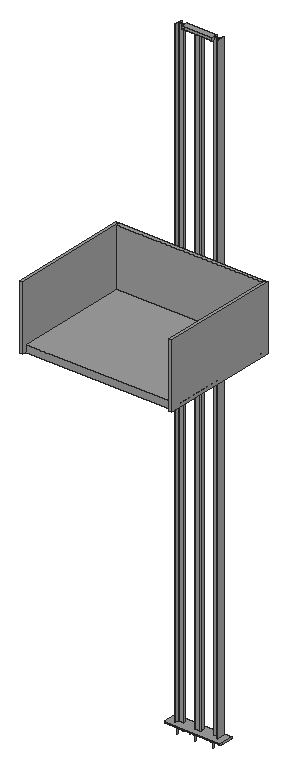
Revit family "1SE_Trez_TC_500_With_Pit", category Specialty Equipment, Revit 2019
Family settings
  Round Connector Dimension = Use Diameter
  Part Type = Normal
  Work Plane-Based = No
  Always vertical = Yes
  Cut with Voids When Loaded = Yes
  Shared = No
  Room Calculation Point = No
Parameters (values of type "Platform-1800x1400mm with Door Height 2500mm")
  Safe Working Load = 500.00 kg  # constant formula
  Safe Space = if(Cabin or Platform = Cabin, 900.0 mm, if(and(Cabin or Platform = Platform, Door Clear Height > 1900.0 mm), 600.0 mm, 0.0 mm))  # 600.0 mm
  Platform = Speciality_Equipment_Trez_Platform_Sgl_C : Platform
  Door Clear Width = Real Width  # 1800.0 mm
  Door Clear Height = 2500.0 mm
  D-Side = yes
  Clear Width = 1800.0 mm
  URL = "https://trez.bg/en/products/goods-only-lift-tc/tc-one-cylinder/"
  Shaft Width = Real Width + 100.0 mm  # 1900.0 mm
  Shaft Depth = Real Depth + Clearance  # 1670.0 mm
  Tower Cladding Material = TREZ_Steel_Cladding
  Real Width = if(Clear Width < 750.0 mm, 750.0 mm, if(Clear Width > 1800.0 mm, 1800.0 mm, Clear Width))  # 1800.0 mm
  Real Depth = if(Clear Depth < 800.0 mm, 800.0 mm, if(Clear Depth > 1400.0 mm, 1400.0 mm, Clear Depth))  # 1400.0 mm
  Profiles Material = TREZ_Steel
  Platform Material = TREZ_Steel
  Pit Height = 120.0 mm  # constant formula
  Travel = 4500.0 mm
  Rail Height = Travel + Pit Height + Headroom  # 7720.0 mm
  Model = "TC 500"
  Manufacturer = "TREZ Ltd."
  Headroom = Door Clear Height + Safe Space  # 3100.0 mm
  Description = "As a hydraulic, goods-only lift with one cylinder, the TC is the low-price solution for lifting goods between the floors. "  # constant formula
  Clear Depth = 1400.0 mm
  Created By URL = "https://all1studio.com/"
  Created By = "All 1 Studio Ltd."
  Clearance = 270.0 mm  # constant formula
  Cabin or Platform = Speciality_Equipment_Trez_Platform_Sgl_C : Platform
  Cabin = Speciality_Equipment_Trez_Cabin_Sgl_C : Cabin
  C-Side = 1 = 1  # yes
  B-Side = yes
  A-Side = no
Reference planes
  plane 1 "Center (Front/Back)": y = 0
  plane 2: z = 0
  plane 3 "Center (Left/Right)": x = 0
  plane 4: x = -900
  plane 5: x = 900
  plane 6: y = 700
  plane 7: y = -700
  plane 8: x = 950
  plane 9: x = -950
  plane 10: y = 970
  plane 11: y = -750
  plane 12: z = 4500
  plane 13 "Top of Lift": z = 7600
  plane 14 "Pit": z = -120
  plane 15: z = 7540
  plane 16: z = 40
  plane 17: z = -145
  plane 18: y = 838.5
Forms (mm)
  Extrusion 1, void
    sketch origin (0, 0, 0) x (1, 0, 0) y (0, 1, 0)
      loop
        line (-950, 970) -> (-950, -750) -> (950, -750) -> (950, 970) -> (-950, 970)
    from 0 to -120
Lines and regions (mm)
  symbolic lines, style "Platform"
    curve 1: line (-900, 700, 0) -> (900, 700, 0)
    curve 2: line (-900, -700, 0) -> (-900, 700, 0)
    curve 3: line (900, -700, 0) -> (-900, -700, 0)
    curve 4: line (900, 700, 0) -> (900, -700, 0)
    curve 5: line (-900, 700, 0) -> (900, -700, 0)
    curve 6: line (900, 700, 0) -> (-900, -700, 0)
  symbolic lines, style "Shaft Volume"
    curve 7: line (-950, 970, 0) -> (950, 970, 0)
    curve 8: line (-950, -750, 0) -> (-950, 970, 0)
    curve 9: line (950, -750, 0) -> (-950, -750, 0)
    curve 10: line (950, 970, 0) -> (950, -750, 0)
    curve 11: line (950, 0, 7600) -> (-950, 0, 7600)
    curve 12: line (950, 0, 0) -> (950, 0, 7600)
    curve 13: line (-950, 0, 0) -> (950, 0, 0)
    curve 14: line (-950, 0, 7600) -> (-950, 0, 0)
    curve 15: line (0, -750, 7600) -> (0, 970, 7600)
    curve 16: line (0, -750, 0) -> (0, -750, 7600)
    curve 17: line (0, 970, 0) -> (0, -750, 0)
    curve 18: line (0, 970, 7600) -> (0, 970, 0)
Dimensions and locks
  equal spacing: plane 4, plane 3 "Center (Left/Right)", plane 5
  "Real Width": plane 4 to plane 5
  equal spacing: plane 7, plane 1 "Center (Front/Back)", plane 6
  "Real Depth": plane 7 to plane 6
  "Travel": plane 12 to level
  "Pit Height": level to plane 14 "Pit"
  "Headroom": plane 13 "Top of Lift" to plane 12
  locked: plane 13 "Top of Lift" to plane 15 at 60
  locked: plane 16 to level at 40
  locked: level to plane 17 at 145
  locked: plane 9 to plane 4 at 50
  locked: plane 5 to plane 8 at 50
  locked: plane 18 to plane 10 at 131.5
  "Clearance": plane 6 to plane 10
  locked: plane 7 to plane 11 at 50
  aligned and locked: level to plane 2
  aligned and locked: Extrusion 1 to plane 14 "Pit"
  aligned and locked: plane 1 "Center (Front/Back)" to nested 1
  aligned and locked: plane 3 "Center (Left/Right)" to nested 1
  aligned and locked: plane 12 to nested 1
  aligned and locked: nested 2 to plane 3 "Center (Left/Right)"
  aligned and locked: plane 18 to nested 2
  aligned and locked: plane 4 to curve 2
  aligned and locked: Extrusion 1 to plane 8
  aligned and locked: Extrusion 1 to plane 9
  aligned and locked: Extrusion 1 to plane 10
  aligned and locked: Extrusion 1 to plane 11
  aligned and locked: plane 10 to curve 7
  aligned and locked: plane 9 to curve 8
  aligned and locked: plane 11 to curve 9
  aligned and locked: plane 8 to curve 10
  aligned and locked: plane 13 "Top of Lift" to curve 11
  aligned and locked: curve 12 to plane 8
  aligned and locked: curve 13 to level
  aligned and locked: curve 14 to plane 9
  aligned and locked: curve 15 to plane 13 "Top of Lift"
  aligned and locked: plane 11 to curve 16
  aligned and locked: level to curve 17
  aligned and locked: plane 10 to curve 18
Automatic sketch dimensions
  Extrusion 1 sketch curve to plane 8 = 0.0 mm
  Extrusion 1 sketch curve to plane 11 = 0.0 mm
  Extrusion 1 sketch curve to plane 10 = 0.0 mm
  Extrusion 1 sketch curve to plane 9 = 0.0 mm
  curve 4 to plane 5 = 0.0 mm
  curve 3 to plane 7 = 0.0 mm
  plane 6 to curve 2 = 0.0 mm
Nested families
  nested 1: "Speciality_Equipment_Trez_Platform_Sgl_C" at (0, 0, 4500), type <- "Cabin or Platform", type "Platform"
    with Width 1800.0 mm, Depth 1400.0 mm, D-Side yes, B-Side yes
  nested 2: "Generic_Model_Trez_Rails_Sgl_C" at (0, 838.5, -120) x (0, -1, 0) z (0, 0, 1), type "Rails"
Definition of nested family "Speciality_Equipment_Trez_Platform_Sgl_C"
  Parameters (values of type "Platform")
    Width = 1300.0 mm
    Platform Material = none
    Depth = 1000.0 mm
    D-Side = no
    C-Side = yes
    B-Side = no
    A-Side = no
  Reference planes
    plane 1 "Center (Front/Back)": y = 0
    plane 2 "Bottom": z = 0
    plane 3 "Center (Left/Right)": x = 0
    plane 4: x = 650
    plane 5: x = -650
    plane 6: y = 500
    plane 7: y = -500
    plane 8: y = 535
    plane 9: z = -89
    plane 10: z = 709
    plane 11: x = -685
    plane 12: x = 685
    plane 13: y = -535
  Forms (mm)
    Extrusion 1, solid, material <- "Platform Material", visible <- "C-Side"
      sketch origin (0, 0, 0) x (1, 0, 0) y (0, 1, 0)
        loop
          line (-650, 535) -> (-650, 500) -> (650, 500) -> (650, 535) -> (-650, 535)
      from -89 to 709
    Extrusion 2, solid, material <- "Platform Material", detail levels coarse+medium
      sketch origin (0, 0, 0) x (1, 0, 0) y (0, 0, 1)
        loop
          line (-650, 0) -> (-650, -89) -> (650, -89) -> (650, 0) -> (-650, 0)
      from -500 to 500
    Extrusion 3, solid, material <- "Platform Material", detail levels fine
      sketch origin (0, 0, 0) x (1, 0, 0) y (0, 0, 1)
        loop
          line (-650, 0) -> (-650, -74)
          arc (-650, -74) -> (-645.607, -84.607) -> (-635, -89) r 15
          line (-635, -89) -> (635, -89)
          arc (635, -89) -> (645.607, -84.607) -> (650, -74) r 15
          line (650, -74) -> (650, 0) -> (-650, 0)
      from -500 to 500
    Extrusion 4, solid, material <- "Platform Material", visible <- "A-Side"
      sketch origin (0, -1035, 0) x (1, 0, 0) y (0, 1, 0)
        loop
          line (-650, 535) -> (-650, 500) -> (650, 500) -> (650, 535) -> (-650, 535)
      from -89 to 709
    Extrusion 5, solid, material <- "Platform Material", visible <- "D-Side"
      sketch origin (31.413, 20.624, 0) x (0, -1, 0) y (1, 0, 0)
        loop
          line (-514.376, 653.587) -> (-514.376, 618.587) -> (555.624, 618.587) -> (555.624, 653.587) -> (-514.376, 653.587)
      from -89 to 709
    Extrusion 6, solid, material <- "Platform Material", visible <- "B-Side"
      sketch origin (-1003.587, 20.624, 0) x (0, -1, 0) y (1, 0, 0)
        loop
          line (-514.376, 353.587) -> (-514.376, 318.587) -> (555.624, 318.587) -> (555.624, 353.587) -> (-514.376, 353.587)
      from -89 to 709
  Dimensions and locks
    equal spacing: plane 5, plane 3 "Center (Left/Right)", plane 4
    "Width": plane 5 to plane 4
    equal spacing: plane 7, plane 1 "Center (Front/Back)", plane 6
    "Depth": plane 6 to plane 7
    locked: plane 8 to plane 6 at 35
    locked: plane 2 "Bottom" to plane 9 at 89
    locked: plane 10 to plane 2 "Bottom" at 709
    locked: plane 11 to plane 5 at 35
    locked: plane 4 to plane 12 at 35
    locked: plane 13 to plane 7 at 35
    aligned and locked: level to plane 2 "Bottom"
    aligned and locked: Extrusion 1 sketch curve to plane 8
    aligned and locked: Extrusion 2 sketch curve to plane 2 "Bottom"
    aligned and locked: Extrusion 2 sketch curve to plane 9
    aligned and locked: plane 6 to Extrusion 2
    aligned and locked: plane 7 to Extrusion 2
    aligned and locked: Extrusion 3 sketch curve to plane 2 "Bottom"
    aligned and locked: Extrusion 3 sketch curve to plane 9
    aligned and locked: plane 7 to Extrusion 3
    aligned and locked: plane 6 to Extrusion 3
    aligned and locked: Extrusion 1 to plane 9
    aligned and locked: plane 5 to Extrusion 3
    aligned and locked: plane 5 to Extrusion 2
    aligned and locked: plane 5 to Extrusion 1
    aligned and locked: plane 4 to Extrusion 3
    aligned and locked: plane 4 to Extrusion 2
    aligned and locked: plane 4 to Extrusion 1
    aligned and locked: Extrusion 4 to plane 7
    aligned and locked: plane 13 to Extrusion 4
    aligned and locked: plane 4 to Extrusion 4
    aligned and locked: plane 5 to Extrusion 4
    aligned and locked: plane 12 to Extrusion 5
    aligned and locked: Extrusion 5 to plane 4
    aligned and locked: plane 8 to Extrusion 5
    aligned and locked: plane 13 to Extrusion 5
    aligned and locked: plane 11 to Extrusion 6
    aligned and locked: Extrusion 6 to plane 5
    aligned and locked: plane 8 to Extrusion 6
    aligned and locked: plane 13 to Extrusion 6
  Automatic sketch dimensions
    Extrusion 1 sketch curve to plane 5 = 0.0 mm
    Extrusion 1 sketch curve to plane 4 = 0.0 mm
    Extrusion 1 sketch curve to plane 6 = 0.0 mm
    plane 5 to Extrusion 2 sketch curve = 0.0 mm
    Extrusion 2 sketch curve to plane 4 = 0.0 mm
    plane 5 to Extrusion 3 sketch curve = 0.0 mm
    Extrusion 3 sketch curve to plane 4 = 0.0 mm
    Extrusion 3 sketch curve to plane 5 = 15.0 mm
    Extrusion 3 sketch curve to plane 4 = 15.0 mm
    Extrusion 4 sketch curve to plane 5 = 0.0 mm
    Extrusion 4 sketch curve to plane 4 = 0.0 mm
    plane 13 to Extrusion 4 sketch curve = 0.0 mm
    plane 7 to Extrusion 4 sketch curve = 0.0 mm
    plane 8 to Extrusion 5 sketch curve = 0.0 mm
    plane 13 to Extrusion 5 sketch curve = 0.0 mm
    Extrusion 5 sketch curve to plane 12 = 35.0 mm
    Extrusion 5 sketch curve to Extrusion 5 sketch curve = 35.0 mm
    plane 8 to Extrusion 6 sketch curve = 0.0 mm
    plane 13 to Extrusion 6 sketch curve = 0.0 mm
    Extrusion 6 sketch curve to plane 12 = 1370.0 mm
    Extrusion 6 sketch curve to Extrusion 6 sketch curve = 35.0 mm
Definition of nested family "Generic_Model_Trez_Rails_Sgl_C"
  Parameters (values of type "Rails")
    Profiles Material = none
    Height = 7720.0 mm
  Reference planes
    plane 1 "Center (Front/Back)": y = 0
    plane 2: z = 0
    plane 3 "Center (Left/Right)": x = 0
    plane 4: x = 87.2
    plane 5: x = -87.2
    plane 6: y = 350
    plane 7: y = -350
    plane 8: z = 7720
    plane 9: z = 15
    plane 10: z = 7685
    plane 11: z = -95
  Forms (mm)
    Extrusion 1, solid, material <- "Profiles Material", detail levels fine
      sketch origin (0, 0, 0) x (1, 0, 0) y (0, 1, 0)
        loop
          line (77.2, 350) -> (-77.2, 350)
          arc (-77.2, 350) -> (-84.271, 347.071) -> (-87.2, 340) r 10
          line (-87.2, 340) -> (-87.2, -340)
          arc (-87.2, -340) -> (-84.271, -347.071) -> (-77.2, -350) r 10
          line (-77.2, -350) -> (77.2, -350)
          arc (77.2, -350) -> (84.271, -347.071) -> (87.2, -340) r 10
          line (87.2, -340) -> (87.2, 340)
          arc (87.2, 340) -> (84.271, 347.071) -> (77.2, 350) r 10
      from 0 to 15
    Extrusion 2, solid, material <- "Profiles Material", detail levels fine
      sketch origin (0, 0, 0) x (1, 0, 0) y (0, 1, 0)
        loop
          line (-61.5, -260) -> (28.5, -260) -> (28.5, -252) -> (-3.5, -252)
          arc (-3.5, -252) -> (-7.036, -250.536) -> (-8.5, -247) r 5
          line (-8.5, -247) -> (-8.5, -185) -> (-24.5, -185) -> (-24.5, -247)
          arc (-24.5, -247) -> (-25.964, -250.536) -> (-29.5, -252) r 5
          line (-29.5, -252) -> (-61.5, -252) -> (-61.5, -260)
        loop
          line (-37.94, -40) -> (-1.94, -40)
          arc (-1.94, -40) -> (8.667, -35.607) -> (13.06, -25) r 15
          line (13.06, -25) -> (13.06, 25)
          arc (13.06, 25) -> (8.667, 35.607) -> (-1.94, 40) r 15
          line (-1.94, 40) -> (-37.94, 40) -> (-37.94, -40)
        loop
          line (-61.5, 260) -> (-61.5, 252) -> (-29.5, 252)
          arc (-29.5, 252) -> (-25.964, 250.536) -> (-24.5, 247) r 5
          line (-24.5, 247) -> (-24.5, 185) -> (-8.5, 185) -> (-8.5, 247)
          arc (-8.5, 247) -> (-7.036, 250.536) -> (-3.5, 252) r 5
          line (-3.5, 252) -> (28.5, 252) -> (28.5, 260) -> (-61.5, 260)
      from 15 to 7720
    Extrusion 3, solid, material <- "Profiles Material", detail levels fine
      sketch origin (0, 0, 0) x (1, 0, 0) y (0, 0, 1)
        loop
          line (-51.5, 7720) -> (-51.5, 7690)
          arc (-51.5, 7690) -> (-50.036, 7686.464) -> (-46.5, 7685) r 5
          line (-46.5, 7685) -> (13.5, 7685)
          arc (13.5, 7685) -> (17.036, 7686.464) -> (18.5, 7690) r 5
          line (18.5, 7690) -> (18.5, 7720) -> (-51.5, 7720)
      from -185 to 185
    Extrusion 4, solid, material <- "Profiles Material", detail levels coarse+medium
      sketch origin (0, 0, 0) x (1, 0, 0) y (0, 1, 0)
        loop
          line (87.2, 350) -> (-87.2, 350) -> (-87.2, -350) -> (87.2, -350) -> (87.2, 350)
      from 0 to 15
    Extrusion 5, solid, material <- "Profiles Material", detail levels coarse+medium
      sketch origin (0, 0, 0) x (1, 0, 0) y (0, 1, 0)
        loop
          line (28.5, -185) -> (-61.5, -185) -> (-61.5, -260) -> (28.5, -260) -> (28.5, -185)
        loop
          line (-37.94, -40) -> (13.06, -40) -> (13.06, 40) -> (-37.94, 40) -> (-37.94, -40)
        loop
          line (-61.5, 260) -> (-61.5, 185) -> (28.5, 185) -> (28.5, 260) -> (-61.5, 260)
      from 15 to 7720
    Extrusion 6, solid, material <- "Profiles Material", detail levels coarse+medium
      sketch origin (0, 0, 0) x (1, 0, 0) y (0, 0, 1)
        loop
          line (-51.5, 7720) -> (-51.5, 7690)
          arc (-51.5, 7690) -> (-50.036, 7686.464) -> (-46.5, 7685) r 5
          line (-46.5, 7685) -> (13.5, 7685)
          arc (13.5, 7685) -> (17.036, 7686.464) -> (18.5, 7690) r 5
          line (18.5, 7690) -> (18.5, 7720) -> (-51.5, 7720)
      from -260 to 260
    Extrusion 7, solid, material <- "Profiles Material", detail levels fine
      sketch origin (0, 0, 0) x (1, 0, 0) y (0, 1, 0)
        loop
          circle (46.2, 222.5) r 7.5
        loop
          circle (-43.8, 222.5) r 7.5
        loop
          circle (-43.8, 132.5) r 7.5
        loop
          circle (46.2, -222.5) r 7.5
        loop
          circle (-43.8, -222.5) r 7.5
        loop
          circle (-43.8, -132.5) r 7.5
        loop
          circle (-43.8, -80) r 7.5
        loop
          circle (-43.8, 80) r 7.5
        loop
          circle (46.2, 0.052) r 7.5
      from -95 to 0
  Cuts and joins
    joined: Extrusion 2, Extrusion 3
    joined: Extrusion 5, Extrusion 6
  Lines and regions (mm)
    symbolic lines
      curve 1: line (28.5, 185, 0) -> (-61.5, 185, 0)
      curve 2: line (28.5, 260, 0) -> (28.5, 185, 0)
      curve 3: line (-61.5, 260, 0) -> (28.5, 260, 0)
      curve 4: line (-61.5, 185, 0) -> (-61.5, 260, 0)
      curve 5: line (13.06, 40, 0) -> (-37.94, 40, 0)
      curve 6: line (13.06, -40, 0) -> (13.06, 40, 0)
      curve 7: line (-37.94, -40, 0) -> (13.06, -40, 0)
      curve 8: line (-37.94, 40, 0) -> (-37.94, -40, 0)
      curve 9: line (28.5, -185, 0) -> (-61.5, -185, 0)
      curve 10: line (28.5, -260, 0) -> (28.5, -185, 0)
      curve 11: line (-61.5, -260, 0) -> (28.5, -260, 0)
      curve 12: line (-61.5, -185, 0) -> (-61.5, -260, 0)
      curve 13: line (87.2, -350, 0) -> (-87.2, -350, 0)
      curve 14: line (87.2, 350, 0) -> (87.2, -350, 0)
      curve 15: line (-87.2, 350, 0) -> (87.2, 350, 0)
      curve 16: line (-87.2, -350, 0) -> (-87.2, 350, 0)
  Dimensions and locks
    equal spacing: plane 5, plane 3 "Center (Left/Right)", plane 4
    plane 5 to plane 4 = 174.4 mm
    equal spacing: plane 6, plane 1 "Center (Front/Back)", plane 7
    "Height": plane 8 to plane 2
    locked: plane 9 to plane 2 at 15
    locked: plane 8 to Extrusion 3 sketch curve at 35
    locked: plane 8 to plane 10 at 35
    locked: plane 2 to plane 11 at 95
    aligned and locked: level to plane 2
    aligned and locked: Extrusion 1 sketch curve to plane 6
    aligned and locked: plane 4 to Extrusion 1 sketch curve
    aligned and locked: Extrusion 1 sketch curve to plane 7
    aligned and locked: plane 5 to Extrusion 1 sketch curve
    aligned and locked: plane 8 to Extrusion 2
    aligned and locked: Extrusion 1 to plane 9
    aligned and locked: plane 9 to Extrusion 2
    aligned and locked: Extrusion 4 sketch curve to plane 6
    aligned and locked: plane 4 to Extrusion 4 sketch curve
    aligned and locked: Extrusion 4 sketch curve to plane 7
    aligned and locked: plane 5 to Extrusion 4 sketch curve
    aligned and locked: Extrusion 4 to plane 9
    aligned and locked: Extrusion 4 to plane 2
    aligned and locked: plane 8 to Extrusion 5
    aligned and locked: plane 8 to Extrusion 3 sketch curve
    aligned and locked: Extrusion 3 to Extrusion 5  (x2)
    aligned and locked: Extrusion 7 to plane 11
    aligned and locked: plane 2 to Extrusion 7
  Automatic sketch dimensions
    Extrusion 2 sketch curve to plane 5 = 25.7 mm  (x2)
    Extrusion 2 sketch curve to plane 3 "Center (Left/Right)" = 29.5 mm  (x2)
    Extrusion 2 sketch curve to Extrusion 2 sketch curve = 5.0 mm
    Extrusion 2 sketch curve to plane 3 "Center (Left/Right)" = 24.5 mm
    Extrusion 2 sketch curve to plane 3 "Center (Left/Right)" = 8.5 mm  (x2)
    Extrusion 2 sketch curve to plane 3 "Center (Left/Right)" = 3.5 mm  (x2)
    Extrusion 2 sketch curve to plane 3 "Center (Left/Right)" = 1.94 mm  (x2)
    Extrusion 2 sketch curve to Extrusion 2 sketch curve = 15.0 mm
    plane 3 "Center (Left/Right)" to Extrusion 2 sketch curve = 28.5 mm  (x2)
    plane 7 to Extrusion 2 sketch curve = 90.0 mm
    Extrusion 2 sketch curve to Extrusion 2 sketch curve = 8.0 mm  (x3)
    Extrusion 2 sketch curve to Extrusion 2 sketch curve = 62.0 mm  (x2)
    Extrusion 2 sketch curve to plane 1 "Center (Front/Back)" = 25.0 mm
    plane 6 to Extrusion 2 sketch curve = 165.0 mm
    Extrusion 2 sketch curve to Extrusion 2 sketch curve = 0.0 mm
    Extrusion 2 sketch curve to plane 3 "Center (Left/Right)" = 37.94 mm
    plane 1 "Center (Front/Back)" to Extrusion 2 sketch curve = 40.0 mm
    Extrusion 3 sketch curve to Extrusion 3 sketch curve = 5.0 mm  (x2)
    plane 3 "Center (Left/Right)" to Extrusion 3 sketch curve = 13.5 mm
    Extrusion 3 sketch curve to plane 5 = 40.7 mm
    Extrusion 1 sketch curve to plane 5 = 10.0 mm
    Extrusion 1 sketch curve to Extrusion 1 sketch curve = 10.0 mm
    Extrusion 1 sketch curve to plane 4 = 10.0 mm  (x2)
    Extrusion 6 sketch curve to plane 8 = 0.0 mm
    Extrusion 6 sketch curve to plane 10 = 0.0 mm
    plane 10 to Extrusion 6 sketch curve = 5.0 mm  (x2)
    Extrusion 6 sketch curve to plane 5 = 35.7 mm
    plane 3 "Center (Left/Right)" to Extrusion 6 sketch curve = 13.5 mm
    curve 16 to plane 5 = 0.0 mm
    curve 15 to plane 4 = 0.0 mm
    curve 13 to plane 7 = 0.0 mm
    plane 6 to curve 15 = 0.0 mm
    curve 3 to plane 5 = 25.7 mm
    curve 12 to plane 5 = 25.7 mm
    curve 5 to plane 3 "Center (Left/Right)" = 37.94 mm
    plane 3 "Center (Left/Right)" to curve 5 = 13.06 mm
    plane 3 "Center (Left/Right)" to curve 11 = 28.5 mm
    plane 3 "Center (Left/Right)" to curve 2 = 28.5 mm
    plane 7 to curve 11 = 90.0 mm
    curve 10 to curve 10 = 75.0 mm
    plane 1 "Center (Front/Back)" to curve 7 = 40.0 mm
    curve 5 to plane 1 "Center (Front/Back)" = 40.0 mm
    plane 6 to curve 2 = 165.0 mm
    curve 1 to curve 3 = 75.0 mm
    Extrusion 7 sketch curve to plane 5 = 43.4 mm  (x6)
    Extrusion 7 sketch curve to plane 4 = 41.0 mm  (x3)
    plane 7 to Extrusion 7 sketch curve = 127.5 mm
    Extrusion 7 sketch curve to Extrusion 7 sketch curve = 0.0 mm  (x2)
    Extrusion 7 sketch curve to Extrusion 7 sketch curve = 90.0 mm  (x2)
    plane 6 to Extrusion 7 sketch curve = 217.5 mm
    Extrusion 7 sketch curve to plane 1 "Center (Front/Back)" = 0.052 mm
    plane 1 "Center (Front/Back)" to Extrusion 7 sketch curve = 80.0 mm
    Extrusion 7 sketch curve to plane 1 "Center (Front/Back)" = 80.0 mm
    Extrusion 5 sketch curve to plane 5 = 25.7 mm  (x2)
    Extrusion 5 sketch curve to plane 3 "Center (Left/Right)" = 37.94 mm
    plane 3 "Center (Left/Right)" to Extrusion 5 sketch curve = 13.06 mm
    plane 3 "Center (Left/Right)" to Extrusion 5 sketch curve = 28.5 mm  (x2)
    plane 1 "Center (Front/Back)" to Extrusion 5 sketch curve = 40.0 mm
    Extrusion 5 sketch curve to plane 1 "Center (Front/Back)" = 40.0 mm
    Extrusion 5 sketch curve to Extrusion 5 sketch curve = 145.0 mm  (x2)
    Extrusion 5 sketch curve to Extrusion 5 sketch curve = 75.0 mm  (x2)
    radius of Extrusion 7 sketch curve = 7.5 mm  (x9)
